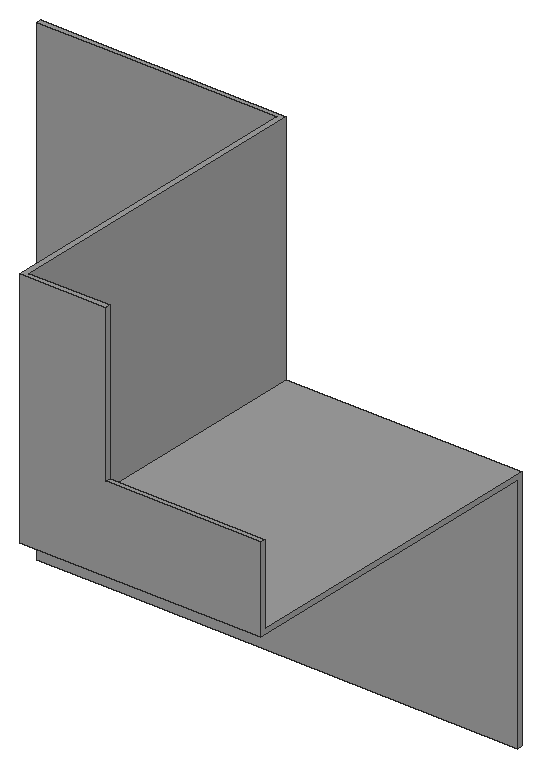
Revit family "Flashing_Preformed_Hyload_Type-W3", category Generic Models, Revit 2016
Family settings
  Part Type = Normal
  Can host rebar = No
  Round Connector Dimension = Use Diameter
  OmniClass Number = 23.20.30.24.11
  OmniClass Title = Embedded Flashing
  Work Plane-Based = No
  Always vertical = Yes
  Cut with Voids When Loaded = No
  Shared = No
  Room Calculation Point = No
Parameters (values of type "As Specified")
  Unit Width = 0' - 7 1/8"
  Unit Height = 0' - 3"
  Unit Depth = 0' - 6"
  URL = "http://www.hyload.com/"
  Thickness = 0' - 0 1/16"
  Specification = "http://www.arcat.com/sdspecs/htm04/07_65_00hyl.htm"
  Sales Information = "http://www.hyload.com/contact-us"
  Revision = "R1_12-2015"
  Product Properties = "http://www.hyload.com/masonry-flashing/preformed-shapes/"
  Product Data = "http://www.arcat.com/arcatcos/cos33/arc33176.html"
  Model = "Type W3"
  Manufacturer Website = "http://www.hyload.com/"
  Manufacturer Phone - Toll Free = "800-457-4056"
  Manufacturer Phone = "330-769-3546"
  Manufacturer Fax = "330-769-4153"
  Manufacturer Address = "5020 Panther Pkwy., Seville, OH 44273"
  Manufacturer = "Hyload"
  Keynote = "07 65 00"
  Flashing Material = Hyload Flashing Membrane - Grey
  Drawn By = "Robert S. Weygant / Sumex Design"
  Description = "Preformed Hyload Masonry Flashing - Type W3"
  Copyright = "(c) ARCAT, Inc, 2015"
  Construction Details = "http://www.arcat.com/details/hyload/hyload.html?coid=33176"
  Assembly Code = "B3010400"
Reference planes (in)
  plane 1 "Center (Front/Back)": y = 0
  plane 2: z = 0
  plane 3 "Center (Left/Right)": x = 0
  plane 4: x = 3
  plane 5: z = 3
  plane 6: y = -4
  plane 7: z = 6
Forms (in)
  Sweep 1, solid, material "Hyload Flashing Membrane - Grey" <- "Flashing Material"
    path origin (0, 0, 0) x (1, 0, 0) y (0, 0, 1)
      loop
        line (3, 3) -> (0, 3) -> (0, 6)
    profile origin (1.5, 0, 3) x (0, 0, -1) y (0, -1, 0)
      loop
        line (0, 0) -> (0, 4) -> (-1.0625, 4) -> (-1.0625, 3.9375) -> (-0.0625, 3.9375) -> (-0.0625, -0.0625) -> (3, -0.0625) -> (3, 0) -> (0, 0)
  Extrusion 2, solid, material "Hyload Flashing Membrane - Grey" <- "Flashing Material"
    sketch origin (0, 0, 0) x (1, 0, 0) y (0, 0, 1)
      loop
        line (-2, 6) -> (-3, 6) -> (-3, 0) -> (-2, 0) -> (-2, 6)
    from -0.0625 to 0
Cuts and joins
  joined: Sweep 1, Extrusion 2
Dimensions and locks (in)
  "Unit Height": plane 5 to level
  plane 1 "Center (Front/Back)" to plane 6 = 0' - 4"
  plane 7 to level = 0' - 6"
  plane 4 to plane 3 "Center (Left/Right)" = 0' - 3"
  aligned and locked: plane 2 to level
  aligned and locked: plane 3 "Center (Left/Right)" to Sweep 1 sketch curve
  aligned and locked: plane 5 to Sweep 1 sketch curve  (x2)
  aligned and locked: Sweep 1 sketch curve to plane 6
  aligned and locked: Sweep 1 sketch curve to level
  aligned and locked: plane 7 to Sweep 1 sketch curve
  aligned and locked: Extrusion 2 sketch curve to plane 7
  aligned and locked: Sweep 1 to Extrusion 2 sketch curve
  aligned and locked: Extrusion 2 sketch curve to Sweep 1
  aligned and locked: Sweep 1 to Extrusion 2
  aligned and locked: plane 1 "Center (Front/Back)" to Extrusion 2
Automatic sketch dimensions
  profile plane to Sweep 1 sketch curve = 0' - 1 1/16"
  profile plane to Sweep 1 sketch curve = 0' - 0 1/16"
  Sweep 1 sketch curve to Sweep 1 sketch curve = 0' - 0 1/16"  (x2)
  Sweep 1 sketch curve to plane 1 "Center (Front/Back)" = 0' - 0"
  Sweep 1 sketch curve to plane 4 = 0' - 0"
  Extrusion 2 sketch curve to plane 3 "Center (Left/Right)" = 0' - 2"
